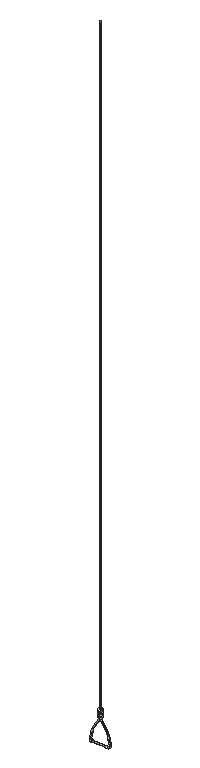
Revit family "Wire-HunterDouglas-Box_Series", category Specialty Equipment, Revit 2013
Parameters (values of type "Parametric")
  Wire Hanger = Metal - Aluminum Frame - HunterDouglas - Painted White
  URL = "http://www.hunterdouglascontract.com/ceilings/index.jsp"
  Subcategory = "Metal – Linear"  # constant formula
  Product Line = "Box Series"  # constant formula
  Perforations = "http://www.hunterdouglascontract.com/ceilings/metalsystems/linear/box/index.jsp?t=perfPage"
  Model = "Box Series Hanger Wire"  # constant formula
  Manufacturer = "Hunter Douglas Luxalon Metal Ceilings"  # constant formula
  Hanger Wire Height [instance] = 3' - 0"
  Description = "Hanger Wire"  # constant formula
  Color Finishes = "http://www.hunterdouglascontract.com/ceilings/metalsystems/linear/box/index.jsp?t=colorPage"
  Assembly Code = "C3030200"
  95 CSI = "09510"  # constant formula
  04 CSI = "09 51 00"  # constant formula
Reference planes (in)
  plane 1 "Center (Front/Back)": y = 0
  plane 2: z = 0
  plane 3 "Center (Left/Right)": x = 0
  plane 4: x = -0.77248
  plane 5: x = 0.77248
  plane 6: z = 2.4375
  plane 7: z = 2.5
  plane 8: z = 36
Dimensions and locks (in)
  equal spacing: plane 4, plane 3 "Center (Left/Right)", plane 5
  plane 4 to plane 5 = 0' - 1.54495"
  locked: plane 6 to plane 7 at 0.0625
  locked: plane 6 to level at 2.4375
  "Hanger Wire Height": plane 8 to level
  aligned and locked: level to plane 2
  aligned and locked: plane 3 "Center (Left/Right)" to nested 1
  aligned and locked: plane 1 "Center (Front/Back)" to nested 1
  aligned and locked: plane 6 to nested 1
Nested families (in)
  nested 1: "Wire" at (0, 0, 0), type "Parametric"
Definition of nested family "Wire"
  Parameters (values of type "Parametric")
    Wire Hanger = Metal - Aluminum Frame - HunterDouglas - Painted White
    URL = "http://www.hunterdouglascontract.com/ceilings/index.jsp"
    Subcategory = "Metal – Linear"  # constant formula
    Product Line = "6-7 Box Series & Deep Box"  # constant formula
    Model = "6-7 Box Series & Deep Box Hanger Wire"  # constant formula
    Manufacturer = "Hunter Douglas Luxalon Metal Ceilings"  # constant formula
    HangerWire Length = 3' - 0"
    Description = "Hanger_Wire"  # constant formula
    Assembly Code = "C3030200"
    95 CSI = "09510"  # constant formula
    04 CSI = "09 51 00"  # constant formula
  Reference planes (in)
    plane 1 "Center (Front/Back)": y = 0
    plane 2: z = 0
    plane 3 "Center (Left/Right)": x = 0
    plane 4: x = -0.77248
    plane 5: x = 0.77248
    plane 6: z = 2.4375
    plane 7: z = 2.5
    plane 8: z = 36
  Forms (in)
    Sweep 1, solid, material "Metal - Aluminum Frame - HunterDouglas - Painted White" <- "Wire Hanger", detail levels fine
      path origin (0, 0, 0) x (1, 0, 0) y (0, 0, 1)
        loop
          line (0.03125, 36) -> (0.03125, 3.70793) -> (0.38236, 3.14135)
          arc (0.38236, 3.14135) -> (0.44435, 3.01623) -> (0.48166, 2.88166) r 0.73777
          line (0.48166, 2.88166) -> (0.5376, 2.56649)
          arc (0.5376, 2.56649) -> (0.51364, 2.47677) -> (0.42949, 2.4375) r 0.1098
          line (0.42949, 2.4375) -> (-0.42976, 2.4375)
          arc (-0.42976, 2.4375) -> (-0.51374, 2.47669) -> (-0.53765, 2.56622) r 0.10957
          line (-0.53765, 2.56622) -> (-0.48246, 2.87715)
          arc (-0.48246, 2.87715) -> (-0.44395, 3.01607) -> (-0.37995, 3.14524) r 0.76163
          line (-0.37995, 3.14524) -> (-0.0384, 3.69638)
      profile origin (-0.00014, 0, 2.4375) x (0, 0, -1) y (0, -1, 0)
        loop
          circle (-0.03125, 0) r 0.03125
    Revolve 2, solid, material "Metal - Aluminum Frame - HunterDouglas - Painted White" <- "Wire Hanger", detail levels fine
      sketch origin (-1.10243, 0, 0.17393) x (0.947216, 0, -0.320596) y (0.320596, 0, 0.947216)
        loop
          line (-0.19925, 4.08974) -> (-0.26999, 4.08974)
          arc (-0.26999, 4.08974) -> (-0.30124, 4.05849) -> (-0.26999, 4.02724) r 0.03125
          line (-0.26999, 4.02724) -> (-0.19925, 4.02724) -> (-0.19925, 4.08974)
        axis (-0.19925, 4.02724) -> (-0.19925, 4.08974)
      angle from 0 to 360
    Revolve 3, solid, material "Metal - Aluminum Frame - HunterDouglas - Painted White" <- "Wire Hanger", detail levels fine
      sketch origin (-1.10243, 0, 0.1083) x (0.947216, 0, -0.320596) y (0.320596, 0, 0.947216)
        loop
          line (-0.19925, 4.08974) -> (-0.26999, 4.08974)
          arc (-0.26999, 4.08974) -> (-0.30124, 4.05849) -> (-0.26999, 4.02724) r 0.03125
          line (-0.26999, 4.02724) -> (-0.19925, 4.02724) -> (-0.19925, 4.08974)
        axis (-0.19925, 4.02724) -> (-0.19925, 4.08974)
      angle from 0 to 360
    Revolve 4, solid, material "Metal - Aluminum Frame - HunterDouglas - Painted White" <- "Wire Hanger", detail levels fine
      sketch origin (-1.10243, 0, 0.04197) x (0.947216, 0, -0.320596) y (0.320596, 0, 0.947216)
        loop
          line (-0.19925, 4.08974) -> (-0.26999, 4.08974)
          arc (-0.26999, 4.08974) -> (-0.30124, 4.05849) -> (-0.26999, 4.02724) r 0.03125
          line (-0.26999, 4.02724) -> (-0.19925, 4.02724) -> (-0.19925, 4.08974)
        axis (-0.19925, 4.02724) -> (-0.19925, 4.08974)
      angle from 0 to 360
    Revolve 5, solid, material "Metal - Aluminum Frame - HunterDouglas - Painted White" <- "Wire Hanger", detail levels fine
      sketch origin (-1.10243, 0, -0.02402) x (0.947216, 0, -0.320596) y (0.320596, 0, 0.947216)
        loop
          line (-0.19925, 4.08974) -> (-0.26999, 4.08974)
          arc (-0.26999, 4.08974) -> (-0.30124, 4.05849) -> (-0.26999, 4.02724) r 0.03125
          line (-0.26999, 4.02724) -> (-0.19925, 4.02724) -> (-0.19925, 4.08974)
        axis (-0.19925, 4.02724) -> (-0.19925, 4.08974)
      angle from 0 to 360
    Revolve 6, solid, material "Metal - Aluminum Frame - HunterDouglas - Painted White" <- "Wire Hanger", detail levels fine
      sketch origin (-1.10243, 0, -0.09) x (0.947216, 0, -0.320596) y (0.320596, 0, 0.947216)
        loop
          line (-0.19925, 4.08974) -> (-0.26999, 4.08974)
          arc (-0.26999, 4.08974) -> (-0.30124, 4.05849) -> (-0.26999, 4.02724) r 0.03125
          line (-0.26999, 4.02724) -> (-0.19925, 4.02724) -> (-0.19925, 4.08974)
        axis (-0.19925, 4.02724) -> (-0.19925, 4.08974)
      angle from 0 to 360
    Revolve 7, solid, material "Metal - Aluminum Frame - HunterDouglas - Painted White" <- "Wire Hanger", detail levels fine
      sketch origin (-1.10243, 0, -0.15751) x (0.947216, 0, -0.320596) y (0.320596, 0, 0.947216)
        loop
          line (-0.19925, 4.08974) -> (-0.26999, 4.08974)
          arc (-0.26999, 4.08974) -> (-0.30124, 4.05849) -> (-0.26999, 4.02724) r 0.03125
          line (-0.26999, 4.02724) -> (-0.19925, 4.02724) -> (-0.19925, 4.08974)
        axis (-0.19925, 4.02724) -> (-0.19925, 4.08974)
      angle from 0 to 360
  Cuts and joins
    joined: Sweep 1, Revolve 3, Revolve 5, Revolve 7
  Lines and regions (in)
    model lines, style "Wire", detail levels coarse+medium
      curve 1: line (0, 0, 36) -> (0, 0, 2.5)
    symbolic lines, style "Wire", detail levels fine
      curve 2: line (-0.50903, 0.03125, 0) -> (-0.08588, 0.03125, 0)
      curve 3: line (0.50903, -0.03126, 0) -> (0.10541, -0.03126, 0)
      curve 4: arc (0.50903, 0.03125, 0) -> (0.54029, 0, 0) -> (0.50903, -0.03126, 0) r 0.03125
      curve 5: arc (-0.50903, 0.03125, 0) -> (-0.54029, 0, 0) -> (-0.50903, -0.03126, 0) r 0.03125
      curve 6: circle (0.00977, 0, 0) r 0.10062 normal (0, 0, 1)
      curve 7: circle (0, 0, 0) r 0.03125 normal (0, 0, 1)
      curve 8: line (0.10541, 0.03125, 0) -> (0.50903, 0.03125, 0)
      curve 9: line (-0.08587, -0.03126, 0) -> (-0.50903, -0.03126, 0)
      curve 43: line (-0.03122, 0, 36) -> (0.03122, 0, 36)
      curve 44: line (0.03122, 0, 36) -> (0.03122, 0, 4.1081)
      curve 45: line (-0.04684, 0, 4.13498) -> (0.08788, 0, 4.08859)
      curve 46: line (-0.07537, 0, 4.07858) -> (0.06749, 0, 4.02939)
      curve 47: arc (0.08788, 0, 4.08859) -> (0.10729, 0, 4.0488) -> (0.06749, 0, 4.02939) r 0.03131
      curve 48: arc (-0.04684, 0, 4.13498) -> (-0.08569, 0, 4.11922) -> (-0.07537, 0, 4.07858) r 0.0319
      curve 49: arc (0.08788, 0, 4.02237) -> (0.10784, 0, 3.98437) -> (0.0711, 0, 3.96216) r 0.03131
      curve 50: arc (-0.04684, 0, 4.06876) -> (-0.08551, 0, 4.05335) -> (-0.07602, 0, 4.01282) r 0.0319
      curve 51: line (-0.07602, 0, 4.01282) -> (0.0711, 0, 3.96216)
      curve 52: arc (0.08788, 0, 3.95615) -> (0.10784, 0, 3.91815) -> (0.0711, 0, 3.89594) r 0.03131
      curve 53: arc (-0.04684, 0, 4.00254) -> (-0.08551, 0, 3.98713) -> (-0.07602, 0, 3.9466) r 0.0319
      curve 54: line (-0.07602, 0, 3.9466) -> (0.0711, 0, 3.89594)
      curve 55: arc (0.08788, 0, 3.88993) -> (0.10784, 0, 3.85193) -> (0.0711, 0, 3.82972) r 0.03131
      curve 56: arc (-0.04684, 0, 3.93632) -> (-0.08551, 0, 3.92091) -> (-0.07602, 0, 3.88038) r 0.0319
      curve 57: line (-0.07602, 0, 3.88038) -> (0.0711, 0, 3.82972)
      curve 58: arc (0.08788, 0, 3.82371) -> (0.10784, 0, 3.78571) -> (0.0711, 0, 3.7635) r 0.03131
      curve 59: arc (-0.04684, 0, 3.8701) -> (-0.08551, 0, 3.85469) -> (-0.07602, 0, 3.81416) r 0.0319
      curve 60: line (-0.07602, 0, 3.81416) -> (0.0711, 0, 3.7635)
      curve 61: arc (0.08788, 0, 3.75749) -> (0.10784, 0, 3.71949) -> (0.0711, 0, 3.69728) r 0.03131
      curve 62: arc (-0.04684, 0, 3.80388) -> (-0.08551, 0, 3.78847) -> (-0.07602, 0, 3.74794) r 0.0319
      curve 63: line (-0.07602, 0, 3.74794) -> (0.0711, 0, 3.69728)
      curve 64: line (-0.0384, 0, 3.69638) -> (-0.37724, 0, 3.14961)
      curve 65: line (-0.53854, 0, 2.57083) -> (-0.47845, 0, 2.89346)
      curve 66: arc (-0.47845, 0, 2.89346) -> (-0.43931, 0, 3.02606) -> (-0.37724, 0, 3.14961) r 0.77561
      curve 67: arc (-0.53854, 0, 2.57083) -> (-0.5193, 0, 2.48393) -> (-0.44337, 0, 2.4375) r 0.11373
      curve 68: line (0.08629, 0, 3.61911) -> (-0.0384, 0, 3.69638)
      curve 69: spline (-0.02925, 0, 3.69071) -> (-0.02601, 0, 3.69164) -> (-0.02149, 0, 3.69294) -> (-0.01593, 0, 3.69453) -> (-0.00958, 0, 3.69634) -> (-0.00276, 0, 3.69828) -> (0.00419, 0, 3.70026) -> (0.01093, 0, 3.70218) -> (0.01714, 0, 3.70394) -> (0.02251, 0, 3.70547) -> (0.02678, 0, 3.70667) -> (0.02974, 0, 3.70751) -> (0.03125, 0, 3.70793)
      curve 70: line (0, 0, 3.6397) -> (-0.32412, 0, 3.11669)
      curve 71: arc (-0.41709, 0, 2.88159) -> (-0.3811, 0, 3.00329) -> (-0.32412, 0, 3.11669) r 0.71311
      curve 72: line (-0.4771, 0, 2.55939) -> (-0.41709, 0, 2.88159)
      curve 73: arc (-0.4771, 0, 2.55939) -> (-0.46843, 0, 2.52024) -> (-0.43423, 0, 2.49933) r 0.05123
      curve 74: line (0.03122, 0, 36) -> (-0.03122, 0, 36)
      curve 75: line (-0.03122, 0, 36) -> (-0.03122, 0, 4.1296)
      curve 76: line (0.02882, 0, 3.71184) -> (0.37724, 0, 3.14961)
      curve 77: line (0.53854, 0, 2.57083) -> (0.47845, 0, 2.89346)
      curve 78: arc (0.47845, 0, 2.89346) -> (0.43931, 0, 3.02606) -> (0.37724, 0, 3.14961) r 0.77561
      curve 79: arc (0.53854, 0, 2.57083) -> (0.5193, 0, 2.48393) -> (0.44337, 0, 2.4375) r 0.11373
      curve 80: arc (0.4771, 0, 2.55939) -> (0.46843, 0, 2.52024) -> (0.43423, 0, 2.49933) r 0.05123
      curve 81: line (0.4771, 0, 2.55939) -> (0.41709, 0, 2.88159)
      curve 82: arc (0.41709, 0, 2.88159) -> (0.3811, 0, 3.00329) -> (0.32412, 0, 3.11669) r 0.71311
      curve 83: line (0, 0, 3.6397) -> (0.32412, 0, 3.11669)
      curve 84: line (-0.43423, 0, 2.49933) -> (0.43423, 0, 2.49933)
      curve 85: line (0.44337, 0, 2.4375) -> (-0.44337, 0, 2.4375)
      curve 86: line (-0.03122, 0, 3.73252) -> (-0.03122, 0, 3.69194)
    symbolic lines, style "Wire"
      curve 10: line (0, 0.03125, 36) -> (0, -0.03125, 36)
      curve 11: line (0, 0.03125, 2.46831) -> (0, 0.03125, 3.69854)
      curve 12: line (0, -0.03125, 36) -> (0, -0.03125, 4.05165)
      curve 13: arc (0, -0.08474, 4.0503) -> (0, -0.10167, 4.01557) -> (0, -0.08145, 3.98266) r 0.04011
      curve 14: arc (0, -0.08145, 3.98266) -> (0, -0.04212, 3.96692) -> (0, 0, 3.96236) r 0.15569
      curve 15: arc (0, 0.08474, 4.0503) -> (0, 0.10167, 4.01557) -> (0, 0.08145, 3.98266) r 0.04011
      curve 16: arc (0, 0.08145, 3.98266) -> (0, 0.04212, 3.96692) -> (0, 0, 3.96236) r 0.15569
      curve 17: arc (0, 0.03125, 4.05165) -> (0, 0, 4.04216) -> (0, -0.03125, 4.05165) r 0.05621
      curve 18: arc (0, -0.08169, 3.9828) -> (0, -0.10172, 3.94794) -> (0, -0.08145, 3.91321) r 0.04011
      curve 19: arc (0, -0.08145, 3.91321) -> (0, -0.04212, 3.89747) -> (0, 0, 3.89291) r 0.15569
      curve 20: arc (0, 0.08169, 3.9828) -> (0, 0.10172, 3.94794) -> (0, 0.08145, 3.91321) r 0.04011
      curve 21: arc (0, 0.08145, 3.91321) -> (0, 0.04212, 3.89747) -> (0, 0, 3.89291) r 0.15569
      curve 22: arc (0, -0.08474, 3.91531) -> (0, -0.10167, 3.88058) -> (0, -0.08145, 3.84767) r 0.04011
      curve 23: arc (0, -0.08145, 3.84767) -> (0, -0.04212, 3.83193) -> (0, 0, 3.82736) r 0.15569
      curve 24: arc (0, 0.08474, 3.91531) -> (0, 0.10167, 3.88058) -> (0, 0.08145, 3.84767) r 0.04011
      curve 25: arc (0, 0.08145, 3.84767) -> (0, 0.04212, 3.83193) -> (0, 0, 3.82736) r 0.15569
      curve 26: arc (0, -0.08474, 3.84977) -> (0, -0.10167, 3.81504) -> (0, -0.08145, 3.78213) r 0.04011
      curve 27: arc (0, -0.08145, 3.78213) -> (0, -0.04212, 3.76638) -> (0, 0, 3.76182) r 0.15569
      curve 28: arc (0, 0.08474, 3.84977) -> (0, 0.10167, 3.81504) -> (0, 0.08145, 3.78213) r 0.04011
      curve 29: arc (0, 0.08145, 3.78213) -> (0, 0.04212, 3.76638) -> (0, 0, 3.76182) r 0.15569
      curve 30: arc (0, -0.08474, 3.78422) -> (0, -0.10167, 3.7495) -> (0, -0.08145, 3.71659) r 0.04011
      curve 31: arc (0, -0.08145, 3.71659) -> (0, -0.04212, 3.70084) -> (0, 0, 3.69628) r 0.15569
      curve 32: arc (0, 0.08474, 3.78422) -> (0, 0.10167, 3.7495) -> (0, 0.08145, 3.71659) r 0.04011
      curve 33: arc (0, 0.08145, 3.71659) -> (0, 0.04212, 3.70084) -> (0, 0, 3.69628) r 0.15569
      curve 34: line (0, 0.03125, 4.05165) -> (0, 0.03125, 36)
      curve 35: line (0, -0.03125, 3.69854) -> (0, -0.03125, 2.46831)
      curve 36: arc (0, -0.03125, 2.46831) -> (0, 0, 2.43706) -> (0, 0.03125, 2.46831) r 0.03125
      curve 37: arc (0, -0.08474, 4.11584) -> (0, -0.10167, 4.08112) -> (0, -0.08145, 4.0482) r 0.04011
      curve 38: arc (0, -0.08145, 4.0482) -> (0, -0.04212, 4.03246) -> (0, 0, 4.0279) r 0.15569
      curve 39: arc (0, 0.08474, 4.11584) -> (0, 0.10167, 4.08112) -> (0, 0.08145, 4.0482) r 0.04011
      curve 40: arc (0, 0.08145, 4.0482) -> (0, 0.04212, 4.03246) -> (0, 0, 4.0279) r 0.15569
      curve 41: arc (0, -0.08474, 4.11584) -> (0, -0.05931, 4.12919) -> (0, -0.03125, 4.13531) r 0.10721
      curve 42: arc (0, 0.08474, 4.11584) -> (0, 0.05931, 4.12919) -> (0, 0.03125, 4.13531) r 0.10721
  Dimensions and locks (in)
    equal spacing: plane 4, plane 3 "Center (Left/Right)", plane 5
    plane 4 to plane 5 = 0' - 1.54495"
    locked: plane 6 to plane 7 at 0.0625
    locked: plane 6 to level at 2.4375
    "HangerWire Length": plane 8 to level
    aligned and locked: level to plane 2
    aligned and locked: Sweep 1 sketch curve to plane 6
    aligned and locked: plane 8 to Sweep 1 sketch curve
    aligned and locked: curve 1 to plane 3 "Center (Left/Right)"
    aligned and locked: plane 7 to curve 1
    aligned and locked: plane 8 to curve 1
    aligned and locked: curve 7 to cut or joined group of Sweep 1, Revolve 3, Revolve 5, Revolve 7
    aligned and locked: curve 68 to cut or joined group of Sweep 1, Revolve 3, Revolve 5, Revolve 7
  Automatic sketch dimensions
    Sweep 1 sketch curve to plane 1 "Center (Front/Back)" = 0' - 0"
    profile plane to Sweep 1 sketch curve = 0' - 0 1/32"
    Revolve 2 sketch curve to plane 3 "Center (Left/Right)" = 0' - 0.06706"
    Revolve 2 sketch curve to Revolve 2 sketch curve = 0' - 0.07074"
    Revolve 2 sketch curve to Revolve 2 sketch curve = 0' - 0"  (x2)
    Revolve 2 sketch curve to Revolve 2 sketch curve = 0' - 0 1/32"
    Revolve 2 sketch curve to Revolve 2 sketch curve = 0' - 0.02781"
    Revolve 3 sketch curve to plane 3 "Center (Left/Right)" = 0' - 0.06706"
    Revolve 3 sketch curve to Revolve 3 sketch curve = 0' - 0.07074"
    Revolve 3 sketch curve to Revolve 3 sketch curve = 0' - 0"  (x2)
    Revolve 3 sketch curve to Revolve 3 sketch curve = 0' - 0 1/32"
    Revolve 3 sketch curve to Revolve 3 sketch curve = 0' - 0.02781"
    Revolve 4 sketch curve to plane 3 "Center (Left/Right)" = 0' - 0.06706"
    Revolve 4 sketch curve to Revolve 4 sketch curve = 0' - 0.07074"
    Revolve 4 sketch curve to Revolve 4 sketch curve = 0' - 0"  (x2)
    Revolve 4 sketch curve to Revolve 4 sketch curve = 0' - 0 1/32"
    Revolve 4 sketch curve to Revolve 4 sketch curve = 0' - 0.02781"
    Revolve 5 sketch curve to plane 3 "Center (Left/Right)" = 0' - 0.06706"
    Revolve 5 sketch curve to Revolve 5 sketch curve = 0' - 0.07074"
    Revolve 5 sketch curve to Revolve 5 sketch curve = 0' - 0"  (x2)
    Revolve 5 sketch curve to Revolve 5 sketch curve = 0' - 0 1/32"
    Revolve 5 sketch curve to Revolve 5 sketch curve = 0' - 0.02781"
    Revolve 6 sketch curve to plane 3 "Center (Left/Right)" = 0' - 0.06706"
    Revolve 6 sketch curve to Revolve 6 sketch curve = 0' - 0.07074"
    Revolve 6 sketch curve to Revolve 6 sketch curve = 0' - 0"  (x2)
    Revolve 6 sketch curve to Revolve 6 sketch curve = 0' - 0 1/32"
    Revolve 6 sketch curve to Revolve 6 sketch curve = 0' - 0.02781"
    Revolve 7 sketch curve to plane 3 "Center (Left/Right)" = 0' - 0.06706"
    Revolve 7 sketch curve to Revolve 7 sketch curve = 0' - 0.07074"
    Revolve 7 sketch curve to Revolve 7 sketch curve = 0' - 0"  (x2)
    Revolve 7 sketch curve to Revolve 7 sketch curve = 0' - 0 1/32"
    Revolve 7 sketch curve to Revolve 7 sketch curve = 0' - 0.02781"
    plane 7 to Sweep 1 sketch curve = 0' - 0.06622"
    Sweep 1 sketch curve to plane 4 = 0' - 0.23483"
    Sweep 1 sketch curve to plane 4 = 0' - 0.29002"
    Sweep 1 sketch curve to Sweep 1 sketch curve = 0' - 0.10788"
    Sweep 1 sketch curve to Sweep 1 sketch curve = 0' - 0.10251"
    Sweep 1 sketch curve to plane 3 "Center (Left/Right)" = 0' - 0.24476"
    Sweep 1 sketch curve to plane 3 "Center (Left/Right)" = 0' - 0.0384"
    plane 3 "Center (Left/Right)" to Sweep 1 sketch curve = 0' - 0 1/32"
    plane 3 "Center (Left/Right)" to Sweep 1 sketch curve = 0' - 0.26745"
    plane 3 "Center (Left/Right)" to Sweep 1 sketch curve = 0' - 0.38236"
    Sweep 1 sketch curve to plane 5 = 0' - 0.34298"
    Sweep 1 sketch curve to Sweep 1 sketch curve = 0' - 0.21421"
    plane 7 to Sweep 1 sketch curve = 0' - 0.06649"
    Sweep 1 sketch curve to Sweep 1 sketch curve = 0' - 0.10811"
    plane 7 to Sweep 1 sketch curve = 0' - 0.24405"
    plane 7 to Sweep 1 sketch curve = 0' - 0.25273"
    Sweep 1 sketch curve to Sweep 1 sketch curve = 0' - 0.12442"
    Sweep 1 sketch curve to Sweep 1 sketch curve = 0' - 0.13761"
    Sweep 1 sketch curve to Sweep 1 sketch curve = 0' - 0.55114"
    Sweep 1 sketch curve to Sweep 1 sketch curve = 0' - 0.01154"
    plane 7 to Revolve 2 sketch curve = 0' - 1.57516"
    plane 7 to Revolve 3 sketch curve = 0' - 1.50953"
    plane 7 to Revolve 4 sketch curve = 0' - 1.44319"
    plane 7 to Revolve 5 sketch curve = 0' - 1.37721"
    plane 7 to Revolve 6 sketch curve = 0' - 1.31123"
    plane 7 to Revolve 7 sketch curve = 0' - 1.24371"
    plane 1 "Center (Front/Back)" to curve 6 = 0' - 0"
    curve 2 to plane 1 "Center (Front/Back)" = 0' - 0 1/32"
    curve 2 to plane 4 = 0' - 0.26344"
    plane 3 "Center (Left/Right)" to curve 6 = 0' - 0.00977"
    plane 1 "Center (Front/Back)" to curve 3 = 0' - 0 1/32"
    curve 3 to plane 5 = 0' - 0.26344"
    plane 3 "Center (Left/Right)" to curve 8 = 0' - 0.10541"
    plane 1 "Center (Front/Back)" to curve 4 = 0' - 0"
    plane 1 "Center (Front/Back)" to curve 5 = 0' - 0 1/32"
    curve 12 to plane 8 = 0' - 0"
    curve 17 to plane 1 "Center (Front/Back)" = 0' - 0"
    curve 25 to plane 1 "Center (Front/Back)" = 0' - 0"
    curve 21 to plane 1 "Center (Front/Back)" = 0' - 0"
    curve 33 to plane 1 "Center (Front/Back)" = 0' - 0"
    curve 38 to plane 1 "Center (Front/Back)" = 0' - 0"
    curve 36 to plane 1 "Center (Front/Back)" = 0' - 0"
    curve 14 to plane 1 "Center (Front/Back)" = 0' - 0"
    curve 27 to plane 1 "Center (Front/Back)" = 0' - 0"
    plane 1 "Center (Front/Back)" to curve 19 = 0' - 0.00445"
    plane 1 "Center (Front/Back)" to curve 23 = 0' - 0.00445"
    plane 1 "Center (Front/Back)" to curve 14 = 0' - 0.00445"
    plane 1 "Center (Front/Back)" to curve 27 = 0' - 0.00445"
    plane 1 "Center (Front/Back)" to curve 38 = 0' - 0.00445"
    plane 1 "Center (Front/Back)" to curve 31 = 0' - 0.00445"
    plane 1 "Center (Front/Back)" to curve 41 = 0' - 0.02264"
    plane 1 "Center (Front/Back)" to curve 10 = 0' - 0 1/32"
    curve 36 to curve 36 = 0' - 0 1/32"
    curve 30 to curve 35 = 0' - 0.03036"
    plane 1 "Center (Front/Back)" to curve 26 = 0' - 0.06161"
    curve 13 to curve 41 = 0' - 0.03896"
    plane 1 "Center (Front/Back)" to curve 22 = 0' - 0.06161"
    curve 27 to curve 30 = 0' - 0.01984"
    curve 18 to curve 22 = 0' - 0.01984"
    curve 30 to curve 30 = 0' - 0.01984"
    curve 26 to curve 27 = 0' - 0"
    curve 38 to curve 13 = 0' - 0.01984"
    curve 37 to curve 38 = 0' - 0"
    curve 19 to curve 18 = 0' - 0"
    curve 31 to curve 30 = 0' - 0"
    curve 22 to curve 26 = 0' - 0.01984"
    curve 13 to curve 18 = 0' - 0.01984"
    curve 14 to curve 13 = 0' - 0"
    curve 23 to curve 22 = 0' - 0"
    curve 18 to curve 13 = 0' - 0.00025"
    curve 30 to curve 26 = 0' - 0.0033"
    curve 13 to curve 38 = 0' - 0.0033"
    curve 22 to curve 19 = 0' - 0.0033"
    curve 41 to curve 37 = 0' - 0.02313"
    curve 26 to curve 22 = 0' - 0.0033"
    curve 25 to plane 1 "Center (Front/Back)" = 0' - 0.00445"
    curve 29 to plane 1 "Center (Front/Back)" = 0' - 0.00445"
    curve 40 to plane 1 "Center (Front/Back)" = 0' - 0.00445"
    curve 16 to plane 1 "Center (Front/Back)" = 0' - 0.00445"
    curve 33 to plane 1 "Center (Front/Back)" = 0' - 0.00445"
    curve 21 to plane 1 "Center (Front/Back)" = 0' - 0.00445"
    curve 42 to plane 1 "Center (Front/Back)" = 0' - 0.02264"
    curve 10 to plane 1 "Center (Front/Back)" = 0' - 0 1/32"
    curve 24 to plane 1 "Center (Front/Back)" = 0' - 0.06161"
    curve 42 to curve 15 = 0' - 0.03896"
    curve 11 to curve 32 = 0' - 0.03036"
    curve 28 to plane 1 "Center (Front/Back)" = 0' - 0.06161"
    curve 20 to curve 16 = 0' - 0.01984"
    curve 32 to curve 28 = 0' - 0.01984"
    curve 28 to curve 25 = 0' - 0.01984"
    curve 24 to curve 25 = 0' - 0"
    curve 29 to curve 28 = 0' - 0"
    curve 32 to curve 32 = 0' - 0.01984"
    curve 24 to curve 21 = 0' - 0.01984"
    curve 20 to curve 21 = 0' - 0"
    curve 15 to curve 16 = 0' - 0"
    curve 15 to curve 40 = 0' - 0.01984"
    curve 39 to curve 40 = 0' - 0"
    curve 33 to curve 32 = 0' - 0"
    curve 16 to curve 20 = 0' - 0.00025"
    curve 39 to curve 39 = 0' - 0.02313"
    curve 28 to curve 32 = 0' - 0.0033"
    curve 25 to curve 28 = 0' - 0.0033"
    curve 20 to curve 24 = 0' - 0.0033"
    plane 7 to curve 40 = 0' - 1.68352"
    curve 38 to curve 40 = 0' - 0"
    curve 42 to curve 40 = 0' - 0.04821"
    curve 41 to curve 38 = 0' - 0.04821"
    curve 41 to curve 41 = 0' - 0.01947"
    curve 14 to curve 41 = 0' - 0.01733"
    curve 14 to curve 16 = 0' - 0"
    curve 17 to curve 14 = 0' - 0.01961"
    curve 38 to curve 21 = 0' - 0.02063"
    curve 19 to curve 21 = 0' - 0"
    curve 16 to curve 25 = 0' - 0.02063"
    curve 23 to curve 25 = 0' - 0"
    curve 16 to curve 20 = 0' - 0.00014"
    curve 19 to curve 29 = 0' - 0.02454"
    curve 27 to curve 29 = 0' - 0"
    curve 20 to curve 24 = 0' - 0.00209"
    curve 25 to curve 33 = 0' - 0.02454"
    curve 31 to curve 33 = 0' - 0"
    curve 22 to curve 26 = 0' - 0.00209"
    curve 28 to curve 32 = 0' - 0.00209"
    curve 36 to plane 6 = 0' - 0.03081"
    curve 37 to curve 41 = 0' - 0.05349"
    curve 18 to curve 13 = 0' - 0.02008"
    curve 39 to curve 39 = 0' - 0.01984"
    curve 20 to curve 24 = 0' - 0.02313"
    curve 39 to curve 15 = 0' - 0.0033"
    curve 31 to curve 38 = 0' - 0.33162"
    curve 41 to curve 12 = 0' - 0.0232"
    curve 66 to curve 71 = 0' - 0"  (x2)
    curve 67 to curve 73 = 0' - 0"  (x2)
    curve 78 to curve 82 = 0' - 0"  (x2)
    curve 79 to curve 80 = 0' - 0"  (x2)
    curve 67 to plane 6 = 0' - 0"
    curve 74 to plane 8 = 0' - 0"
    curve 83 to plane 3 "Center (Left/Right)" = 0' - 0"
    curve 69 to plane 3 "Center (Left/Right)" = 0' - 0.02925"
    curve 86 to curve 69 = 0' - 0.00197"
    curve 75 to plane 3 "Center (Left/Right)" = 0' - 0.03122"
    curve 69 to curve 86 = 0' - 0.00021"
    curve 64 to curve 86 = 0' - 0.00718"
    curve 62 to plane 3 "Center (Left/Right)" = 0' - 0.04684"
    curve 48 to curve 75 = 0' - 0 1/64"
    curve 59 to plane 3 "Center (Left/Right)" = 0' - 0.04684"
    curve 53 to plane 3 "Center (Left/Right)" = 0' - 0.04684"
    curve 56 to plane 3 "Center (Left/Right)" = 0' - 0.04684"
    curve 50 to plane 3 "Center (Left/Right)" = 0' - 0.04684"
    curve 59 to curve 59 = 0' - 0.01039"
    curve 50 to curve 50 = 0' - 0.01039"
    curve 48 to curve 48 = 0' - 0.01039"
    curve 62 to curve 62 = 0' - 0.01039"
    curve 56 to curve 56 = 0' - 0.01039"
    curve 53 to curve 53 = 0' - 0.01039"
    curve 46 to curve 50 = 0' - 0.02853"
    curve 59 to curve 62 = 0' - 0.02918"
    curve 54 to curve 56 = 0' - 0.02918"
    curve 63 to curve 62 = 0' - 0.01879"
    curve 56 to curve 59 = 0' - 0.02918"
    curve 50 to curve 53 = 0' - 0.02918"
    curve 70 to plane 3 "Center (Left/Right)" = 0' - 0.32412"
    curve 64 to curve 71 = 0' - 0.05313"
    curve 71 to curve 78 = 0' - 0.13505"
    plane 7 to curve 73 = 0' - 0.05001"
    curve 73 to curve 78 = 0' - 0.14469"
    curve 73 to plane 7 = 0' - 0.00067"
    curve 73 to curve 67 = 0' - 0.0075"
    curve 85 to curve 84 = 0' - 0.00915"
    curve 73 to curve 67 = 0' - 0.05037"
    curve 65 to curve 71 = 0' - 0.06136"
    plane 7 to curve 65 = 0' - 0.07083"
    plane 3 "Center (Left/Right)" to curve 69 = 0' - 0"
    plane 3 "Center (Left/Right)" to curve 76 = 0' - 0.02882"
    plane 3 "Center (Left/Right)" to curve 43 = 0' - 0.03122"
    curve 76 to curve 69 = 0' - 0.00243"
    plane 3 "Center (Left/Right)" to curve 47 = 0' - 0.06749"
    curve 69 to curve 63 = 0' - 0.03985"
    curve 58 to curve 63 = 0' - 0"
    curve 47 to curve 49 = 0' - 0.00361"
    curve 55 to curve 60 = 0' - 0"
    curve 51 to curve 54 = 0' - 0"
    curve 63 to curve 61 = 0' - 0.00658"
    curve 57 to curve 55 = 0' - 0.00658"
    curve 46 to curve 47 = 0' - 0.01019"
    curve 49 to curve 49 = 0' - 0.00658"
    curve 60 to curve 58 = 0' - 0.00658"
    curve 54 to curve 52 = 0' - 0.00658"
    curve 61 to curve 68 = 0' - 0.01519"
    curve 47 to curve 49 = 0' - 0.02038"
    curve 58 to curve 61 = 0' - 0.01678"
    curve 51 to curve 52 = 0' - 0.01678"
    curve 55 to curve 58 = 0' - 0.01678"
    curve 47 to curve 47 = 0' - 0.01019"
    curve 52 to curve 55 = 0' - 0.01678"
    plane 3 "Center (Left/Right)" to curve 71 = 0' - 0.28204"
    plane 3 "Center (Left/Right)" to curve 83 = 0' - 0.32412"
    curve 83 to curve 76 = 0' - 0.05313"
    curve 66 to curve 81 = 0' - 0.13505"
    plane 7 to curve 80 = 0' - 0.05001"
    curve 66 to curve 80 = 0' - 0.14469"
    curve 79 to curve 80 = 0' - 0.0075"
    curve 84 to curve 79 = 0' - 0.00915"
    curve 79 to curve 80 = 0' - 0.05037"
    curve 81 to curve 78 = 0' - 0.06136"
    curve 80 to curve 79 = 0' - 0.06144"
    curve 79 to curve 71 = 0' - 0.19104"
    curve 67 to curve 82 = 0' - 0.19104"
    curve 66 to curve 81 = 0' - 0.14054"
    curve 71 to curve 65 = 0' - 0.01187"
    curve 81 to curve 78 = 0' - 0.01187"
    curve 83 to curve 69 = 0' - 0.05101"
    curve 69 to curve 86 = 0' - 0.00186"
    curve 63 to curve 69 = 0' - 0.01064"
    curve 63 to curve 61 = 0' - 0.03061"
    curve 64 to curve 86 = 0' - 0.03613"
    curve 61 to curve 58 = 0' - 0.00601"
    curve 62 to curve 62 = 0' - 0.02577"
    curve 60 to curve 58 = 0' - 0.03061"
    curve 62 to curve 60 = 0' - 0.01028"
    curve 58 to curve 57 = 0' - 0.00601"
    curve 60 to curve 59 = 0' - 0.02577"
    curve 57 to curve 55 = 0' - 0.03061"
    curve 59 to curve 57 = 0' - 0.01028"
    curve 55 to curve 54 = 0' - 0.00601"
    curve 56 to curve 56 = 0' - 0.02577"
    curve 54 to curve 52 = 0' - 0.03061"
    curve 56 to curve 53 = 0' - 0.01028"
    curve 52 to curve 49 = 0' - 0.00601"
    curve 53 to curve 53 = 0' - 0.02577"
    curve 49 to curve 49 = 0' - 0.03061"
    curve 53 to curve 51 = 0' - 0.01028"
    curve 49 to curve 47 = 0' - 0.00702"
    curve 51 to curve 50 = 0' - 0.02577"
    curve 46 to curve 47 = 0' - 0.0296"
    curve 46 to curve 48 = 0' - 0.02623"
    radius of Sweep 1 sketch curve = 0' - 0 1/32"
